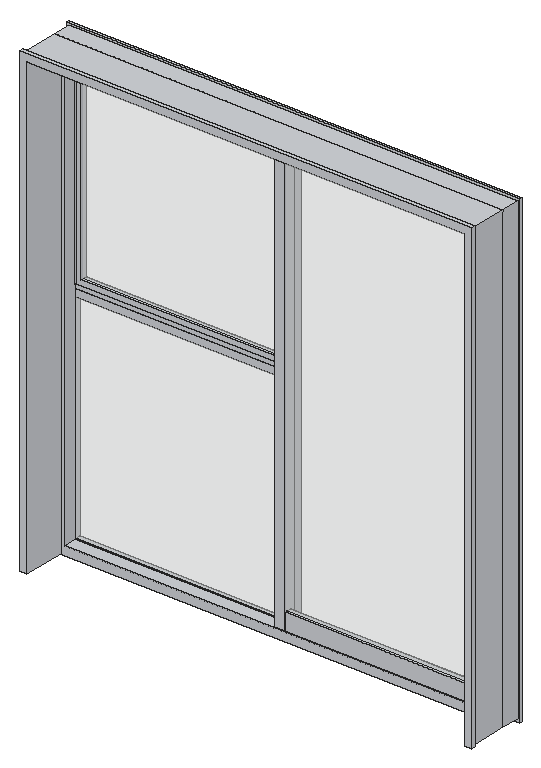
Revit family "APL Residential Thermal Heart Sliding Door SF with Sidelight", category Doors, host Wall, Revit 2017 (continued)
Definition of nested family "APL Residential Thermal Heart Sliding Door SF with Sidelight Vertical Section"
  Definition of nested family "Head Sash"
    Definition of nested family "65400_Frame Head"
      Lines and regions (mm)
        detail lines, in view "Ref. Level"
          curve 468: line (15.121, -21.261, 0) -> (13.593, -22.146, 0)
          curve 469: line (13.393, -22.2, 0) -> (13.1, -22.2, 0)
          curve 470: line (12.7, -21.8, 0) -> (12.7, -18.4, 0)
          curve 471: arc (12.7, -2.2, 0) -> (12.817, -1.917, 0) -> (13.1, -1.8, 0) r 0.4
          curve 472: arc (13.393, -1.8, 0) -> (13.496, -1.814, 0) -> (13.593, -1.854, 0) r 0.4
          curve 473: arc (15.121, -2.739, 0) -> (15.411, -2.859, 0) -> (15.722, -2.9, 0) r 1.2
          curve 474: arc (16.645, -2.9, 0) -> (17.218, -3.081, 0) -> (17.584, -3.558, 0) r 1
          curve 475: arc (18.377, -5.737, 0) -> (18.524, -5.928, 0) -> (18.753, -6, 0) r 0.4
          curve 476: arc (21.447, -6, 0) -> (21.676, -5.928, 0) -> (21.823, -5.737, 0) r 0.4
          curve 477: arc (22.616, -3.558, 0) -> (22.982, -3.081, 0) -> (23.555, -2.9, 0) r 1
          curve 478: arc (24.478, -2.9, 0) -> (24.789, -2.859, 0) -> (25.079, -2.739, 0) r 1.2
          curve 479: arc (26.607, -1.854, 0) -> (26.704, -1.814, 0) -> (26.807, -1.8, 0) r 0.4
          curve 480: arc (27.1, -1.8, 0) -> (27.383, -1.917, 0) -> (27.5, -2.2, 0) r 0.4
          curve 481: arc (27.5, -5.6, 0) -> (27.383, -5.883, 0) -> (27.1, -6, 0) r 0.4
          curve 482: arc (26.807, -6, 0) -> (26.704, -5.986, 0) -> (26.607, -5.946, 0) r 0.4
          curve 483: arc (25.079, -5.061, 0) -> (24.785, -4.94, 0) -> (24.47, -4.9, 0) r 1.2
          curve 484: arc (24.47, -4.9, 0) -> (24.295, -4.953, 0) -> (24.184, -5.097, 0) r 0.3
          curve 485: arc (23.296, -7.537, 0) -> (23.149, -7.728, 0) -> (22.92, -7.8, 0) r 0.4
          curve 486: arc (17.28, -7.8, 0) -> (17.051, -7.728, 0) -> (16.904, -7.537, 0) r 0.4
          curve 487: arc (16.016, -5.097, 0) -> (15.905, -4.953, 0) -> (15.73, -4.9, 0) r 0.3
          curve 488: arc (15.73, -4.9, 0) -> (15.415, -4.94, 0) -> (15.121, -5.061, 0) r 1.2
          curve 489: arc (13.593, -5.946, 0) -> (13.496, -5.986, 0) -> (13.393, -6, 0) r 0.4
          curve 490: arc (13.1, -6, 0) -> (12.817, -5.883, 0) -> (12.7, -5.6, 0) r 0.4
          curve 491: line (13.1, -1.8, 0) -> (13.393, -1.8, 0)
          curve 492: line (13.593, -1.854, 0) -> (15.121, -2.739, 0)
          curve 493: line (15.722, -2.9, 0) -> (16.645, -2.9, 0)
          curve 494: line (17.584, -3.558, 0) -> (18.377, -5.737, 0)
          curve 495: line (18.753, -6, 0) -> (21.447, -6, 0)
          curve 496: line (21.823, -5.737, 0) -> (22.616, -3.558, 0)
          curve 497: line (23.555, -2.9, 0) -> (24.478, -2.9, 0)
          curve 498: line (25.079, -2.739, 0) -> (26.607, -1.854, 0)
          curve 499: line (26.807, -1.8, 0) -> (27.1, -1.8, 0)
          curve 500: line (27.5, -2.2, 0) -> (27.5, -5.6, 0)
          curve 501: line (27.1, -6, 0) -> (26.807, -6, 0)
          curve 502: line (26.607, -5.946, 0) -> (25.079, -5.061, 0)
          curve 503: line (24.184, -5.097, 0) -> (23.296, -7.537, 0)
          curve 504: line (22.92, -7.8, 0) -> (17.28, -7.8, 0)
          curve 505: line (16.904, -7.537, 0) -> (16.016, -5.097, 0)
          curve 506: line (15.121, -5.061, 0) -> (13.593, -5.946, 0)
          curve 507: line (13.393, -6, 0) -> (13.1, -6, 0)
          curve 508: line (12.7, -5.6, 0) -> (12.7, -2.2, 0)
          curve 509: arc (10.8, -6.498, 0) -> (11.356, -7.843, 0) -> (12.7, -8.4, 0) r 1.9
          curve 510: arc (13.1, -8.4, 0) -> (13.241, -8.459, 0) -> (13.3, -8.6, 0) r 0.2
          curve 511: arc (13.3, -15.4, 0) -> (13.241, -15.541, 0) -> (13.1, -15.6, 0) r 0.2
          curve 512: arc (11, -15.6, 0) -> (10.859, -15.659, 0) -> (10.8, -15.8, 0) r 0.2
          curve 513: arc (10.8, -16.283, 0) -> (10.741, -16.425, 0) -> (10.6, -16.483, 0) r 0.2
          curve 514: arc (1.9, -16.483, 0) -> (1.546, -16.337, 0) -> (1.4, -15.983, 0) r 0.5
          curve 515: arc (1.4, -2.245, 0) -> (1.521, -1.631, 0) -> (1.869, -1.111, 0) r 1.6
          curve 516: arc (6.387, 3.407, 0) -> (6.711, 3.624, 0) -> (7.094, 3.7, 0) r 1
          curve 517: arc (9.8, 3.7, 0) -> (10.507, 3.407, 0) -> (10.8, 2.7, 0) r 1
          curve 518: arc (1.665, -23.621, 0) -> (1.729, -23.522, 0) -> (1.725, -23.403, 0) r 0.2
          curve 519: arc (1.725, -23.403, 0) -> (1.621, -23.234, 0) -> (1.453, -23.127, 0) r 0.45
          curve 520: arc (1.453, -23.127, 0) -> (1.357, -23.052, 0) -> (1.322, -22.936, 0) r 0.2
          curve 521: arc (1.379, -18.081, 0) -> (1.438, -17.941, 0) -> (1.579, -17.883, 0) r 0.2
          curve 522: arc (10.6, -17.883, 0) -> (10.741, -17.942, 0) -> (10.8, -18.083, 0) r 0.2
          curve 523: arc (10.8, -22.172, 0) -> (10.773, -22.272, 0) -> (10.7, -22.345, 0) r 0.2
          curve 524: arc (9.6, -22.98, 0) -> (9.38, -23.2, 0) -> (9.3, -23.5, 0) r 0.6
          curve 525: arc (9.3, -23.8, 0) -> (9.359, -23.941, 0) -> (9.5, -24, 0) r 0.2
          curve 526: arc (13.617, -24, 0) -> (13.922, -23.801, 0) -> (14.195, -24.043, 0) r 0.3
          curve 527: arc (14.195, -24.043, 0) -> (14.261, -24.181, 0) -> (14.387, -24.268, 0) r 0.3
          curve 528: arc (15.797, -24.782, 0) -> (16.083, -24.738, 0) -> (16.199, -24.474, 0) r 0.3
          curve 529: arc (15.992, -22.108, 0) -> (15.965, -22.008, 0) -> (15.905, -21.922, 0) r 0.3
          curve 530: arc (15.541, -21.559, 0) -> (15.348, -21.507, 0) -> (15.207, -21.648, 0) r 0.2
          curve 531: arc (15.162, -21.816, 0) -> (15.11, -21.905, 0) -> (15.021, -21.957, 0) r 0.2
          curve 532: arc (12.878, -22.49, 0) -> (12.536, -22.343, 0) -> (12.6, -21.976, 0) r 0.3
          curve 533: arc (12.6, -21.976, 0) -> (12.674, -21.875, 0) -> (12.7, -21.753, 0) r 0.3
          curve 534: arc (12.506, -17.75, 0) -> (12.542, -17.578, 0) -> (12.7, -17.5, 0) r 0.2
          curve 535: arc (13.221, -17.5, 0) -> (13.302, -17.511, 0) -> (13.377, -17.544, 0) r 0.3
          curve 536: arc (14.631, -18.309, 0) -> (14.637, -18.502, 0) -> (14.78, -18.633, 0) r 0.25
          curve 537: arc (14.78, -18.633, 0) -> (15.05, -18.679, 0) -> (15.2, -18.45, 0) r 0.25
          curve 538: arc (15.2, -8.599, 0) -> (15.259, -8.458, 0) -> (15.4, -8.4, 0) r 0.2
          curve 539: arc (16.479, -8.4, 0) -> (16.643, -8.315, 0) -> (16.667, -8.132, 0) r 0.2
          curve 540: arc (15.775, -5.682, 0) -> (15.702, -5.586, 0) -> (15.587, -5.55, 0) r 0.2
          curve 541: arc (15.353, -5.55, 0) -> (15.248, -5.52, 0) -> (15.174, -5.439, 0) r 0.2
          curve 542: arc (15.174, -5.439, 0) -> (14.995, -5.304, 0) -> (14.78, -5.367, 0) r 0.25
          curve 543: arc (14.78, -5.367, 0) -> (14.637, -5.498, 0) -> (14.631, -5.691, 0) r 0.25
          curve 544: arc (13.377, -6.456, 0) -> (13.302, -6.489, 0) -> (13.221, -6.5, 0) r 0.3
          curve 545: arc (12.7, -6.5, 0) -> (12.542, -6.422, 0) -> (12.506, -6.25, 0) r 0.2
          curve 546: arc (12.7, -2.247, 0) -> (12.674, -2.125, 0) -> (12.6, -2.024, 0) r 0.3
          curve 547: arc (12.6, -2.024, 0) -> (12.536, -1.657, 0) -> (12.878, -1.51, 0) r 0.3
          curve 548: arc (15.021, -2.043, 0) -> (15.11, -2.095, 0) -> (15.162, -2.184, 0) r 0.2
          curve 549: arc (15.207, -2.352, 0) -> (15.348, -2.493, 0) -> (15.541, -2.441, 0) r 0.2
          curve 550: arc (15.905, -2.078, 0) -> (15.965, -1.992, 0) -> (15.992, -1.892, 0) r 0.3
          curve 551: arc (16.199, 0.474, 0) -> (16.083, 0.738, 0) -> (15.797, 0.782, 0) r 0.3
          curve 552: arc (14.387, 0.268, 0) -> (14.261, 0.181, 0) -> (14.195, 0.043, 0) r 0.3
          curve 553: arc (14.195, 0.043, 0) -> (13.922, -0.199, 0) -> (13.617, 0, 0) r 0.3
          curve 554: arc (12.6, 0, 0) -> (12.459, 0.059, 0) -> (12.4, 0.2, 0) r 0.2
          curve 555: arc (12.4, 2.696, 0) -> (11.64, 4.537, 0) -> (9.8, 5.3, 0) r 2.6
          curve 556: arc (7.9, 5.3, 0) -> (7.547, 5.446, 0) -> (7.4, 5.8, 0) r 0.5
          curve 557: arc (7.4, 13.402, 0) -> (7.508, 13.581, 0) -> (7.716, 13.566, 0) r 0.2
          curve 558: arc (7.716, 13.566, 0) -> (8.721, 13.692, 0) -> (8.684, 14.705, 0) r 0.75
          curve 559: arc (8.684, 14.705, 0) -> (8.15, 16.005, 0) -> (8.684, 17.305, 0) r 1.85
          curve 560: arc (8.684, 17.305, 0) -> (8.794, 17.447, 0) -> (8.867, 17.612, 0) r 0.75
          curve 561: arc (8.867, 17.612, 0) -> (8.97, 17.796, 0) -> (9.14, 17.921, 0) r 0.5
          curve 562: arc (9.14, 17.921, 0) -> (10, 18.105, 0) -> (10.86, 17.921, 0) r 2.1
          curve 563: arc (10.86, 17.921, 0) -> (11.03, 17.796, 0) -> (11.133, 17.612, 0) r 0.5
          curve 564: arc (11.133, 17.612, 0) -> (11.206, 17.447, 0) -> (11.316, 17.305, 0) r 0.75
          curve 565: arc (11.316, 17.305, 0) -> (11.85, 16.005, 0) -> (11.316, 14.705, 0) r 1.85
          curve 566: arc (11.316, 14.705, 0) -> (11.323, 13.644, 0) -> (12.384, 13.651, 0) r 0.75
          curve 567: arc (12.384, 13.651, 0) -> (13.348, 15.881, 0) -> (12.551, 18.176, 0) r 3.35
          curve 568: arc (12.551, 18.176, 0) -> (12.478, 18.71, 0) -> (12.932, 19, 0) r 0.5
          curve 569: arc (13.15, 19, 0) -> (13.291, 19.059, 0) -> (13.35, 19.2, 0) r 0.2
          curve 570: arc (13.35, 19.5, 0) -> (13.204, 19.854, 0) -> (12.85, 20, 0) r 0.5
          curve 571: arc (7, 20, 0) -> (6.293, 19.707, 0) -> (6, 19, 0) r 1
          curve 572: arc (6, 6.243, 0) -> (5.772, 5.095, 0) -> (5.121, 4.121, 0) r 3
          curve 573: arc (0.879, -0.121, 0) -> (0.228, -1.095, 0) -> (0, -2.243, 0) r 3
          curve 574: arc (0, -23.8, 0) -> (0.059, -23.941, 0) -> (0.2, -24, 0) r 0.2
          curve 575: line (10.8, 2.7, 0) -> (10.8, -6.498, 0)
          curve 576: line (12.7, -8.4, 0) -> (13.1, -8.4, 0)
          curve 577: line (13.3, -8.6, 0) -> (13.3, -15.4, 0)
          curve 578: line (13.1, -15.6, 0) -> (11, -15.6, 0)
          curve 579: line (10.8, -15.8, 0) -> (10.8, -16.283, 0)
          curve 580: line (10.6, -16.483, 0) -> (1.9, -16.483, 0)
          curve 581: line (1.4, -15.983, 0) -> (1.4, -2.245, 0)
          curve 582: line (1.869, -1.111, 0) -> (6.387, 3.407, 0)
          curve 583: line (7.094, 3.7, 0) -> (9.8, 3.7, 0)
          curve 584: line (1.322, -22.936, 0) -> (1.379, -18.081, 0)
          curve 585: line (1.579, -17.883, 0) -> (10.6, -17.883, 0)
          curve 586: line (10.8, -18.083, 0) -> (10.8, -22.172, 0)
          curve 587: line (10.7, -22.345, 0) -> (9.6, -22.98, 0)
          curve 588: line (9.3, -23.5, 0) -> (9.3, -23.8, 0)
          curve 589: line (9.5, -24, 0) -> (13.617, -24, 0)
          curve 590: line (14.387, -24.268, 0) -> (15.797, -24.782, 0)
          curve 591: line (16.199, -24.474, 0) -> (15.992, -22.108, 0)
          curve 592: line (15.905, -21.922, 0) -> (15.541, -21.559, 0)
          curve 593: line (15.207, -21.648, 0) -> (15.162, -21.816, 0)
          curve 594: line (15.021, -21.957, 0) -> (12.888, -22.528, 0)
          curve 595: line (12.7, -21.753, 0) -> (12.7, -18.525, 0)
          curve 596: line (12.7, -18.5, 0) -> (12.506, -17.75, 0)
          curve 597: line (12.7, -17.5, 0) -> (13.221, -17.5, 0)
          curve 598: line (13.377, -17.544, 0) -> (14.631, -18.309, 0)
          curve 599: line (15.2, -18.45, 0) -> (15.2, -16.874, 0)
          curve 600: line (15.2, -16.874, 0) -> (15.2, -8.599, 0)
          curve 601: line (15.4, -8.4, 0) -> (16.479, -8.4, 0)
          curve 602: line (16.667, -8.132, 0) -> (15.775, -5.682, 0)
          curve 603: line (15.587, -5.55, 0) -> (15.353, -5.55, 0)
          curve 604: line (14.631, -5.691, 0) -> (13.377, -6.456, 0)
          curve 605: line (13.221, -6.5, 0) -> (12.7, -6.5, 0)
          curve 606: line (12.506, -6.25, 0) -> (12.7, -5.5, 0)
          curve 607: line (12.7, -5.475, 0) -> (12.7, -2.247, 0)
          curve 608: line (12.888, -1.472, 0) -> (15.021, -2.043, 0)
          curve 609: line (15.162, -2.184, 0) -> (15.207, -2.352, 0)
          curve 610: line (15.541, -2.441, 0) -> (15.905, -2.078, 0)
          curve 611: line (15.992, -1.892, 0) -> (16.199, 0.474, 0)
          curve 612: line (15.797, 0.782, 0) -> (14.387, 0.268, 0)
          curve 613: line (13.617, 0, 0) -> (12.6, 0, 0)
          curve 614: line (12.4, 0.2, 0) -> (12.4, 2.696, 0)
          curve 615: line (9.8, 5.3, 0) -> (7.9, 5.3, 0)
          curve 616: line (7.4, 5.8, 0) -> (7.4, 13.402, 0)
          curve 617: line (12.932, 19, 0) -> (13.15, 19, 0)
          curve 618: line (13.35, 19.2, 0) -> (13.35, 19.5, 0)
          curve 619: line (12.85, 20, 0) -> (7, 20, 0)
          curve 620: line (6, 19, 0) -> (6, 6.243, 0)
          curve 621: line (5.121, 4.121, 0) -> (0.879, -0.121, 0)
          curve 622: line (0, -2.243, 0) -> (0, -23.8, 0)
          curve 623: line (0.2, -24, 0) -> (1.214, -24, 0)
          curve 624: line (1.214, -24, 0) -> (1.665, -23.621, 0)
          curve 625: line (106.85, -41.439, 0) -> (112.6, -39.899, 0)
          curve 626: line (111.139, -40.29, 0) -> (106.85, -40.29, 0)
          curve 627: line (112.6, -39.45, 0) -> (106.85, -39.45, 0)
          curve 628: line (112.6, -38.61, 0) -> (106.85, -38.61, 0)
          curve 629: line (112.6, -37.69, 0) -> (106.85, -37.69, 0)
          curve 630: line (112.6, -36.85, 0) -> (106.85, -36.85, 0)
          curve 631: line (111.139, -36.01, 0) -> (106.85, -36.01, 0)
          curve 632: line (112.6, -36.401, 0) -> (106.85, -34.861, 0)
          curve 633: line (112.85, -41.6, 0) -> (112.85, -34.7, 0)
          curve 634: line (112.6, -34.7, 0) -> (112.6, -41.6, 0)
          curve 635: line (112.6, -41.6, 0) -> (113.1, -41.6, 0)
          curve 636: line (113.1, -41.6, 0) -> (113.1, -34.7, 0)
          curve 637: line (113.1, -34.7, 0) -> (112.6, -34.7, 0)
          curve 651: line (74.132, -41.648, 0) -> (68.382, -40.107, 0)
          curve 652: line (69.843, -40.498, 0) -> (74.132, -40.498, 0)
          curve 653: line (68.382, -39.658, 0) -> (74.132, -39.658, 0)
          curve 654: line (68.382, -38.818, 0) -> (74.132, -38.818, 0)
          curve 655: line (68.382, -37.898, 0) -> (74.132, -37.898, 0)
          curve 656: line (68.382, -37.058, 0) -> (74.132, -37.058, 0)
          curve 657: line (69.843, -36.218, 0) -> (74.132, -36.218, 0)
          curve 658: line (68.382, -36.61, 0) -> (74.132, -35.069, 0)
          curve 659: line (68.132, -41.808, 0) -> (68.132, -34.908, 0)
          curve 660: line (68.382, -34.908, 0) -> (68.382, -41.808, 0)
          curve 661: line (68.382, -41.808, 0) -> (67.882, -41.808, 0)
          curve 662: line (67.882, -41.808, 0) -> (67.882, -34.908, 0)
          curve 663: line (67.882, -34.908, 0) -> (68.382, -34.908, 0)
        detail lines, in view "Ref. Level", not visible
          curve 638: line (101.764, -41.439, 0) -> (107.514, -39.899, 0)
          curve 639: line (106.053, -40.29, 0) -> (101.764, -40.29, 0)
          curve 640: line (107.514, -39.45, 0) -> (101.764, -39.45, 0)
          curve 641: line (107.514, -38.61, 0) -> (101.764, -38.61, 0)
          curve 642: line (107.514, -37.69, 0) -> (101.764, -37.69, 0)
          curve 643: line (107.514, -36.85, 0) -> (101.764, -36.85, 0)
          curve 644: line (106.053, -36.01, 0) -> (101.764, -36.01, 0)
          curve 645: line (107.514, -36.401, 0) -> (101.764, -34.861, 0)
          curve 646: line (107.764, -41.6, 0) -> (107.764, -34.7, 0)
          curve 647: line (107.514, -34.7, 0) -> (107.514, -41.6, 0)
          curve 648: line (107.514, -41.6, 0) -> (108.014, -41.6, 0)
          curve 649: line (108.014, -41.6, 0) -> (108.014, -34.7, 0)
          curve 650: line (108.014, -34.7, 0) -> (107.514, -34.7, 0)
      Text (mm)
        text "65400" at (41.516, 17.579, 0), in view "Ref. Level"
    Definition of nested family "65720_Sash"
      Reference planes
        plane 1 "Center (Front/Back)": y = 0
        plane 2: z = 0
        plane 3 "Center (Left/Right)": x = 0
      Lines and regions (mm)
        detail lines, in view "Ref. Level"
          curve 1: arc (-0.482, 17.85, 0) -> (-0.172, 17.71, 0) -> (-0.009, 18.009, 0) r 0.25
          curve 2: arc (-0.036, 27.897, 0) -> (-0.198, 28.196, 0) -> (-0.508, 28.056, 0) r 0.25
          curve 3: line (-0.009, 18.009, 0) -> (-1.003, 21.876, 0)
          curve 4: line (-1.003, 21.876, 0) -> (0, 22.455, 0)
          curve 5: line (0, 22.455, 0) -> (0, 23.455, 0)
          curve 6: line (0, 23.455, 0) -> (-1.025, 24.047, 0)
          curve 7: line (-1.025, 24.047, 0) -> (-0.036, 27.897, 0)
          curve 8: line (-0.508, 28.056, 0) -> (-2.232, 23.955, 0)
          curve 9: line (-2.232, 23.955, 0) -> (-3.5, 23.955, 0)
          curve 10: line (-3.5, 23.955, 0) -> (-3.5, 25.205, 0)
          curve 11: line (-3.5, 25.205, 0) -> (-4.5, 25.205, 0)
          curve 12: line (-4.5, 25.205, 0) -> (-4.5, 20.705, 0)
          curve 13: line (-4.5, 20.705, 0) -> (-3.5, 20.705, 0)
          curve 14: line (-3.5, 20.705, 0) -> (-3.5, 21.955, 0)
          curve 15: line (-3.5, 21.955, 0) -> (-2.208, 21.955, 0)
          curve 16: line (-2.208, 21.955, 0) -> (-0.482, 17.85, 0)
        detail lines, in view "Ref. Level", not visible
          curve 17: arc (33.161, -9.933, 0) -> (32.851, -9.793, 0) -> (32.689, -10.092, 0) r 0.25
          curve 18: arc (32.715, -19.98, 0) -> (32.877, -20.279, 0) -> (33.188, -20.139, 0) r 0.25
          curve 19: line (32.689, -10.092, 0) -> (33.683, -13.959, 0)
          curve 20: line (33.683, -13.959, 0) -> (32.679, -14.539, 0)
          curve 21: line (32.679, -14.539, 0) -> (32.679, -15.539, 0)
          curve 22: line (32.679, -15.539, 0) -> (33.705, -16.131, 0)
          curve 23: line (33.705, -16.131, 0) -> (32.715, -19.98, 0)
          curve 24: line (33.188, -20.139, 0) -> (34.912, -16.039, 0)
          curve 25: line (34.912, -16.039, 0) -> (36.179, -16.039, 0)
          curve 26: line (36.179, -16.039, 0) -> (36.179, -17.289, 0)
          curve 27: line (36.179, -17.289, 0) -> (37.179, -17.289, 0)
          curve 28: line (37.179, -17.289, 0) -> (37.179, -12.789, 0)
          curve 29: line (37.179, -12.789, 0) -> (36.179, -12.789, 0)
          curve 30: line (36.179, -12.789, 0) -> (36.179, -14.039, 0)
          curve 31: line (36.179, -14.039, 0) -> (34.887, -14.039, 0)
          curve 32: line (34.887, -14.039, 0) -> (33.161, -9.933, 0)
        model lines, in view "Ref. Level"
          curve 33: arc (17.915, 0.146, 0) -> (17.978, 0, 0) -> (17.915, -0.146, 0) r 0.2
          curve 34: arc (17.915, -0.146, 0) -> (17.682, -0.477, 0) -> (17.6, -0.874, 0) r 1
          curve 35: arc (17.6, -2.45, 0) -> (17.728, -2.668, 0) -> (17.98, -2.663, 0) r 0.25
          curve 36: arc (18.066, -2.611, 0) -> (18.172, -2.479, 0) -> (18.169, -2.309, 0) r 0.25
          curve 37: arc (19.422, -1.544, 0) -> (19.498, -1.511, 0) -> (19.579, -1.5, 0) r 0.3
          curve 38: arc (20.1, -1.5, 0) -> (20.258, -1.578, 0) -> (20.294, -1.75, 0) r 0.2
          curve 39: arc (20.1, -5.753, 0) -> (20.126, -5.875, 0) -> (20.2, -5.976, 0) r 0.3
          curve 40: arc (20.2, -5.976, 0) -> (20.28, -6.307, 0) -> (20, -6.5, 0) r 0.3
          curve 41: arc (17.779, -5.957, 0) -> (17.69, -5.905, 0) -> (17.638, -5.816, 0) r 0.2
          curve 42: arc (17.593, -5.648, 0) -> (17.452, -5.507, 0) -> (17.259, -5.559, 0) r 0.2
          curve 43: arc (16.895, -5.922, 0) -> (16.835, -6.008, 0) -> (16.808, -6.108, 0) r 0.3
          curve 44: arc (16.601, -8.474, 0) -> (16.717, -8.738, 0) -> (17.003, -8.782, 0) r 0.3
          curve 45: arc (18.413, -8.268, 0) -> (18.539, -8.181, 0) -> (18.605, -8.043, 0) r 0.3
          curve 46: arc (18.605, -8.043, 0) -> (18.878, -7.801, 0) -> (19.183, -8, 0) r 0.3
          curve 47: arc (38.5, -8, 0) -> (38.855, -8.145, 0) -> (39, -8.5, 0) r 0.496
          curve 48: arc (37.5, -13.6, 0) -> (36.793, -13.893, 0) -> (36.5, -14.6, 0) r 1
          curve 49: arc (36.5, -15.098, 0) -> (37, -15.599, 0) -> (37.5, -15.099, 0) r 0.5
          curve 50: arc (39.4, -19.8, 0) -> (39.1, -20.1, 0) -> (39.4, -20.4, 0) r 0.3
          curve 51: arc (37.5, -24.002, 0) -> (37.354, -23.647, 0) -> (37, -23.5, 0) r 0.5
          curve 52: arc (36.001, -23.5, 0) -> (35.859, -23.441, 0) -> (35.8, -23.3, 0) r 0.2
          curve 53: arc (35.8, -23.308, 0) -> (35.697, -23.003, 0) -> (35.429, -22.825, 0) r 0.5
          curve 54: arc (34.552, -22.589, 0) -> (34.378, -22.624, 0) -> (34.3, -22.783, 0) r 0.2
          curve 55: arc (34.52, -24.835, 0) -> (34.588, -24.953, 0) -> (34.717, -25, 0) r 0.2
          curve 56: arc (36, -26.8, 0) -> (36.059, -26.941, 0) -> (36.2, -27, 0) r 0.2
          curve 57: arc (40.6, -27, 0) -> (40.741, -26.941, 0) -> (40.8, -26.8, 0) r 0.2
          curve 58: arc (40.8, 9.2, 0) -> (40.2, 9.801, 0) -> (39.6, 9.2, 0) r 0.6
          curve 59: arc (34.719, 4.17, 0) -> (34.38, 4.303, 0) -> (34.221, 4.63, 0) r 0.5
          curve 60: arc (34.221, 4.63, 0) -> (34.008, 5.519, 0) -> (33.531, 6.299, 0) r 2.93
          curve 61: arc (33.531, 6.299, 0) -> (33.518, 6.54, 0) -> (33.747, 6.618, 0) r 0.2
          curve 62: arc (33.747, 6.618, 0) -> (34.115, 6.712, 0) -> (34.181, 7.087, 0) r 0.35
          curve 63: arc (34.181, 7.087, 0) -> (33.629, 7.751, 0) -> (32.801, 8, 0) r 1.498
          curve 64: arc (19.183, 8, 0) -> (18.878, 7.801, 0) -> (18.605, 8.043, 0) r 0.3
          curve 65: arc (18.605, 8.043, 0) -> (18.539, 8.181, 0) -> (18.413, 8.268, 0) r 0.3
          curve 66: arc (17.003, 8.782, 0) -> (16.717, 8.738, 0) -> (16.601, 8.474, 0) r 0.3
          curve 67: arc (16.808, 6.108, 0) -> (16.835, 6.008, 0) -> (16.895, 5.922, 0) r 0.3
          curve 68: arc (17.259, 5.559, 0) -> (17.452, 5.507, 0) -> (17.593, 5.648, 0) r 0.2
          curve 69: arc (17.638, 5.816, 0) -> (17.69, 5.905, 0) -> (17.779, 5.957, 0) r 0.2
          curve 70: arc (20, 6.5, 0) -> (20.28, 6.307, 0) -> (20.2, 5.976, 0) r 0.3
          curve 71: arc (20.2, 5.976, 0) -> (20.126, 5.875, 0) -> (20.1, 5.753, 0) r 0.3
          curve 72: arc (20.294, 1.75, 0) -> (20.258, 1.578, 0) -> (20.1, 1.5, 0) r 0.2
          curve 73: arc (19.579, 1.5, 0) -> (19.498, 1.511, 0) -> (19.423, 1.544, 0) r 0.3
          curve 74: arc (18.169, 2.309, 0) -> (18.172, 2.479, 0) -> (18.066, 2.611, 0) r 0.25
          curve 75: arc (17.98, 2.663, 0) -> (17.728, 2.668, 0) -> (17.6, 2.45, 0) r 0.25
          curve 76: arc (17.6, 0.874, 0) -> (17.682, 0.477, 0) -> (17.915, 0.146, 0) r 1
          curve 77: arc (28.892, 6.6, 0) -> (29.073, 6.485, 0) -> (29.046, 6.272, 0) r 0.2
          curve 78: arc (29.046, 6.272, 0) -> (28.37, 4.41, 0) -> (29.034, 2.543, 0) r 2.93
          curve 79: arc (29.034, 2.543, 0) -> (30.019, 2.445, 0) -> (30.116, 3.43, 0) r 0.7
          curve 80: arc (30.116, 3.43, 0) -> (29.77, 4.4, 0) -> (30.116, 5.37, 0) r 1.53
          curve 81: arc (30.116, 5.37, 0) -> (30.208, 5.514, 0) -> (30.262, 5.676, 0) r 0.7
          curve 82: arc (30.262, 5.676, 0) -> (30.359, 5.888, 0) -> (30.541, 6.032, 0) r 0.5
          curve 83: arc (30.541, 6.032, 0) -> (31.3, 6.2, 0) -> (32.059, 6.032, 0) r 1.8
          curve 84: arc (32.059, 6.032, 0) -> (32.241, 5.888, 0) -> (32.338, 5.676, 0) r 0.5
          curve 85: arc (32.338, 5.676, 0) -> (32.392, 5.514, 0) -> (32.484, 5.37, 0) r 0.7
          curve 86: arc (32.484, 5.37, 0) -> (32.83, 4.4, 0) -> (32.484, 3.43, 0) r 1.53
          curve 87: arc (32.484, 3.43, 0) -> (32.581, 2.445, 0) -> (33.566, 2.543, 0) r 0.7
          curve 88: arc (33.566, 2.543, 0) -> (33.647, 2.645, 0) -> (33.722, 2.751, 0) r 2.93
          curve 89: arc (33.722, 2.751, 0) -> (33.902, 2.912, 0) -> (34.135, 2.97, 0) r 0.5
          curve 90: arc (38.899, 2.97, 0) -> (39.253, 2.824, 0) -> (39.4, 2.47, 0) r 0.5
          curve 91: arc (39.4, -6.3, 0) -> (39.254, -6.654, 0) -> (38.9, -6.8, 0) r 0.5
          curve 92: arc (22.502, -6.8, 0) -> (22.147, -6.654, 0) -> (22, -6.3, 0) r 0.5
          curve 93: line (17.6, -0.874, 0) -> (17.6, -2.45, 0)
          curve 94: line (18.169, -2.309, 0) -> (19.422, -1.544, 0)
          curve 95: line (19.422, -1.544, 0) -> (20.1, -1.5, 0)
          curve 96: line (20.294, -1.75, 0) -> (20.106, -2.475, 0)
          curve 97: line (20.106, -2.475, 0) -> (20.1, -5.753, 0)
          curve 98: line (19.846, -6.5, 0) -> (17.779, -5.957, 0)
          curve 99: line (17.779, -5.957, 0) -> (17.593, -5.648, 0)
          curve 100: line (17.259, -5.559, 0) -> (16.895, -5.922, 0)
          curve 101: line (16.808, -6.108, 0) -> (16.601, -8.474, 0)
          curve 102: line (17.003, -8.782, 0) -> (18.413, -8.268, 0)
          curve 103: line (19.183, -8, 0) -> (38.5, -8, 0)
          curve 104: line (39, -8.5, 0) -> (39, -13.6, 0)
          curve 105: line (39, -13.6, 0) -> (37.5, -13.6, 0)
          curve 106: line (36.5, -14.6, 0) -> (36.5, -15.098, 0)
          curve 107: line (37.5, -15.099, 0) -> (37.5, -14.6, 0)
          curve 108: line (37.5, -14.6, 0) -> (39.4, -14.6, 0)
          curve 109: line (39.4, -14.6, 0) -> (39.4, -19.8, 0)
          curve 110: line (39.4, -20.4, 0) -> (39.4, -25.6, 0)
          curve 111: line (39.4, -25.6, 0) -> (37.5, -25.6, 0)
          curve 112: line (37.5, -25.6, 0) -> (37.5, -24.002, 0)
          curve 113: line (37, -23.5, 0) -> (36.001, -23.5, 0)
          curve 114: line (35.429, -22.825, 0) -> (34.552, -22.589, 0)
          curve 115: line (34.3, -22.783, 0) -> (34.3, -23.589, 0)
          curve 116: line (34.3, -23.589, 0) -> (34.52, -24.835, 0)
          curve 117: line (34.717, -25, 0) -> (36, -25, 0)
          curve 118: line (36, -25, 0) -> (36, -26.8, 0)
          curve 119: line (36.2, -27, 0) -> (40.6, -27, 0)
          curve 120: line (40.8, -26.8, 0) -> (40.8, 9.2, 0)
          curve 121: line (39.6, 9.2, 0) -> (39.6, 4.17, 0)
          curve 122: line (39.6, 4.17, 0) -> (34.719, 4.17, 0)
          curve 123: line (32.801, 8, 0) -> (24.7, 8, 0)
          curve 124: line (24.7, 8, 0) -> (24.3, 7.6, 0)
          curve 125: line (24.3, 7.6, 0) -> (23.9, 8, 0)
          curve 126: line (23.9, 8, 0) -> (19.183, 8, 0)
          curve 127: line (18.413, 8.268, 0) -> (17.003, 8.782, 0)
          curve 128: line (16.601, 8.474, 0) -> (16.808, 6.108, 0)
          curve 129: line (16.895, 5.922, 0) -> (17.259, 5.559, 0)
          curve 130: line (17.593, 5.648, 0) -> (17.638, 5.816, 0)
          curve 131: line (17.638, 5.816, 0) -> (19.768, 6.49, 0)
          curve 132: line (19.768, 6.49, 0) -> (20, 6.5, 0)
          curve 133: line (20.1, 5.753, 0) -> (20.1, 2.525, 0)
          curve 134: line (20.1, 2.525, 0) -> (20.294, 1.75, 0)
          curve 135: line (20.1, 1.5, 0) -> (19.579, 1.5, 0)
          curve 136: line (19.579, 1.5, 0) -> (18.169, 2.309, 0)
          curve 137: line (17.6, 2.45, 0) -> (17.6, 0.874, 0)
          curve 138: line (22.5, 6.6, 0) -> (28.892, 6.6, 0)
          curve 139: line (34.135, 2.97, 0) -> (38.899, 2.97, 0)
          curve 140: line (39.4, 2.47, 0) -> (39.4, -6.3, 0)
          curve 141: line (38.9, -6.8, 0) -> (22.502, -6.8, 0)
          curve 142: line (22, -6.3, 0) -> (22, 6.1, 0)
          curve 143: arc (22, 6.1, 0) -> (22.146, 6.454, 0) -> (22.5, 6.6, 0) r 0.5
          curve 144: arc (12.714, 14.359, 0) -> (13.138, 14.183, 0) -> (13.314, 13.759, 0) r 0.6
          curve 145: arc (13.633, 5.978, 0) -> (13.937, 5.291, 0) -> (14.633, 5.009, 0) r 1
          curve 146: arc (17.054, 5.009, 0) -> (17.364, 5.05, 0) -> (17.654, 5.17, 0) r 1.2
          curve 147: arc (19.714, 6.209, 0) -> (19.996, 6.092, 0) -> (20.114, 5.809, 0) r 0.4
          curve 148: arc (20.014, 4.834, 0) -> (19.955, 4.693, 0) -> (19.814, 4.634, 0) r 0.2
          curve 149: arc (19.617, 4.653, 0) -> (19.041, 4.615, 0) -> (18.764, 4.109, 0) r 0.6
          curve 150: arc (18.764, 4.109, 0) -> (19.041, 3.603, 0) -> (19.617, 3.565, 0) r 0.6
          curve 151: arc (19.814, 3.584, 0) -> (19.955, 3.525, 0) -> (20.014, 3.384, 0) r 0.2
          curve 152: arc (20.114, 2.409, 0) -> (19.996, 2.126, 0) -> (19.714, 2.009, 0) r 0.4
          curve 153: arc (17.654, 3.048, 0) -> (17.364, 3.168, 0) -> (17.054, 3.209, 0) r 1.2
          curve 154: arc (8.374, 3.209, 0) -> (8.063, 3.168, 0) -> (7.774, 3.048, 0) r 1.2
          curve 155: arc (5.714, 2.009, 0) -> (5.431, 2.126, 0) -> (5.314, 2.409, 0) r 0.4
          curve 156: arc (5.414, 3.384, 0) -> (5.472, 3.525, 0) -> (5.614, 3.584, 0) r 0.2
          curve 157: arc (5.81, 3.565, 0) -> (6.386, 3.603, 0) -> (6.664, 4.109, 0) r 0.6
          curve 158: arc (6.664, 4.109, 0) -> (6.386, 4.615, 0) -> (5.81, 4.653, 0) r 0.6
          curve 159: arc (5.614, 4.634, 0) -> (5.472, 4.693, 0) -> (5.414, 4.834, 0) r 0.2
          curve 160: arc (5.314, 5.809, 0) -> (5.431, 6.092, 0) -> (5.714, 6.209, 0) r 0.4
          curve 161: arc (7.774, 5.17, 0) -> (8.063, 5.05, 0) -> (8.374, 5.009, 0) r 1.2
          curve 162: arc (10.794, 5.009, 0) -> (11.49, 5.291, 0) -> (11.794, 5.978, 0) r 1
          curve 163: line (13.314, 13.759, 0) -> (13.633, 5.978, 0)
          curve 164: line (14.633, 5.009, 0) -> (16.946, 5.009, 0)
          curve 165: line (17.654, 5.17, 0) -> (18.414, 5.609, 0)
          curve 166: line (18.414, 5.609, 0) -> (19.407, 6.182, 0)
          curve 167: line (19.407, 6.182, 0) -> (19.714, 6.209, 0)
          curve 168: line (20.114, 5.809, 0) -> (20.114, 5.309, 0)
          curve 169: line (20.114, 5.309, 0) -> (20.014, 4.834, 0)
          curve 170: line (20.014, 3.384, 0) -> (20.014, 3.009, 0)
          curve 171: line (20.014, 3.009, 0) -> (20.114, 2.409, 0)
          curve 172: line (19.714, 2.009, 0) -> (19.507, 2.009, 0)
          curve 173: line (19.507, 2.009, 0) -> (18.414, 2.609, 0)
          curve 174: line (18.414, 2.609, 0) -> (17.654, 3.048, 0)
          curve 175: line (16.946, 3.209, 0) -> (12.714, 3.209, 0)
          curve 176: line (12.714, 3.209, 0) -> (8.374, 3.209, 0)
          curve 177: line (7.774, 3.048, 0) -> (6.02, 2.036, 0)
          curve 178: line (6.02, 2.036, 0) -> (5.714, 2.009, 0)
          curve 179: line (5.314, 2.409, 0) -> (5.314, 2.909, 0)
          curve 180: line (5.314, 2.909, 0) -> (5.414, 3.384, 0)
          curve 181: line (5.414, 4.834, 0) -> (5.414, 5.209, 0)
          curve 182: line (5.414, 5.209, 0) -> (5.314, 5.809, 0)
          curve 183: line (5.714, 6.209, 0) -> (5.92, 6.209, 0)
          curve 184: line (5.92, 6.209, 0) -> (7.774, 5.17, 0)
          curve 185: line (8.374, 5.009, 0) -> (10.794, 5.009, 0)
          curve 186: line (11.794, 5.978, 0) -> (12.114, 13.768, 0)
          curve 187: arc (12.114, 13.768, 0) -> (12.293, 14.187, 0) -> (12.714, 14.359, 0) r 0.6
          curve 188: arc (5.3, -2.4, 0) -> (5.417, -2.117, 0) -> (5.7, -2, 0) r 0.4
          curve 189: arc (5.993, -2, 0) -> (6.096, -2.014, 0) -> (6.193, -2.054, 0) r 0.4
          curve 190: arc (7.721, -2.939, 0) -> (8.011, -3.059, 0) -> (8.322, -3.1, 0) r 1.2
          curve 191: arc (9.245, -3.1, 0) -> (9.818, -3.281, 0) -> (10.184, -3.758, 0) r 1
          curve 192: arc (10.977, -5.937, 0) -> (11.124, -6.128, 0) -> (11.353, -6.2, 0) r 0.4
          curve 193: arc (14.047, -6.2, 0) -> (14.276, -6.128, 0) -> (14.423, -5.937, 0) r 0.4
          curve 194: arc (15.216, -3.758, 0) -> (15.582, -3.281, 0) -> (16.155, -3.1, 0) r 1
          curve 195: arc (17.078, -3.1, 0) -> (17.389, -3.059, 0) -> (17.679, -2.939, 0) r 1.2
          curve 196: arc (19.207, -2.054, 0) -> (19.304, -2.014, 0) -> (19.407, -2, 0) r 0.4
          curve 197: arc (19.7, -2, 0) -> (19.983, -2.117, 0) -> (20.1, -2.4, 0) r 0.4
          curve 198: arc (20.1, -5.8, 0) -> (19.983, -6.083, 0) -> (19.7, -6.2, 0) r 0.4
          curve 199: arc (19.407, -6.2, 0) -> (19.304, -6.186, 0) -> (19.207, -6.146, 0) r 0.4
          curve 200: arc (17.679, -5.261, 0) -> (17.385, -5.14, 0) -> (17.07, -5.1, 0) r 1.2
          curve 201: arc (17.07, -5.1, 0) -> (16.895, -5.153, 0) -> (16.784, -5.297, 0) r 0.3
          curve 202: arc (15.896, -7.737, 0) -> (15.749, -7.928, 0) -> (15.52, -8, 0) r 0.4
          curve 203: arc (9.88, -8, 0) -> (9.651, -7.928, 0) -> (9.504, -7.737, 0) r 0.4
          curve 204: arc (8.616, -5.297, 0) -> (8.505, -5.153, 0) -> (8.33, -5.1, 0) r 0.3
          curve 205: arc (8.33, -5.1, 0) -> (8.015, -5.14, 0) -> (7.721, -5.261, 0) r 1.2
          curve 206: arc (6.193, -6.146, 0) -> (6.096, -6.186, 0) -> (5.993, -6.2, 0) r 0.4
          curve 207: arc (5.7, -6.2, 0) -> (5.417, -6.083, 0) -> (5.3, -5.8, 0) r 0.4
          curve 208: line (5.7, -2, 0) -> (5.993, -2, 0)
          curve 209: line (6.193, -2.054, 0) -> (7.721, -2.939, 0)
          curve 210: line (8.322, -3.1, 0) -> (9.245, -3.1, 0)
          curve 211: line (10.184, -3.758, 0) -> (10.977, -5.937, 0)
          curve 212: line (11.353, -6.2, 0) -> (14.047, -6.2, 0)
          curve 213: line (14.423, -5.937, 0) -> (15.216, -3.758, 0)
          curve 214: line (16.155, -3.1, 0) -> (17.078, -3.1, 0)
          curve 215: line (17.679, -2.939, 0) -> (19.207, -2.054, 0)
          curve 216: line (19.407, -2, 0) -> (19.7, -2, 0)
          curve 217: line (20.1, -2.4, 0) -> (20.1, -5.8, 0)
          curve 218: line (19.7, -6.2, 0) -> (19.407, -6.2, 0)
          curve 219: line (19.207, -6.146, 0) -> (17.679, -5.261, 0)
          curve 220: line (16.784, -5.297, 0) -> (15.896, -7.737, 0)
          curve 221: line (15.52, -8, 0) -> (9.88, -8, 0)
          curve 222: line (9.504, -7.737, 0) -> (8.616, -5.297, 0)
          curve 223: line (7.721, -5.261, 0) -> (6.193, -6.146, 0)
          curve 224: line (5.993, -6.2, 0) -> (5.7, -6.2, 0)
          curve 225: line (5.3, -5.8, 0) -> (5.3, -2.4, 0)
          curve 226: arc (7.8, -0.874, 0) -> (7.718, -0.477, 0) -> (7.485, -0.146, 0) r 1
          curve 227: arc (7.485, -0.146, 0) -> (7.422, 0, 0) -> (7.485, 0.146, 0) r 0.2
          curve 228: arc (7.485, 0.146, 0) -> (7.718, 0.477, 0) -> (7.8, 0.874, 0) r 1
          curve 229: arc (7.8, 2.449, 0) -> (7.673, 2.668, 0) -> (7.42, 2.663, 0) r 0.25
          curve 230: arc (7.334, 2.611, 0) -> (7.228, 2.479, 0) -> (7.231, 2.309, 0) r 0.25
          curve 231: arc (5.977, 1.544, 0) -> (5.902, 1.511, 0) -> (5.821, 1.5, 0) r 0.3
          curve 232: arc (5.3, 1.5, 0) -> (5.142, 1.578, 0) -> (5.106, 1.75, 0) r 0.2
          curve 233: arc (5.3, 5.753, 0) -> (5.274, 5.875, 0) -> (5.2, 5.976, 0) r 0.3
          curve 234: arc (5.2, 5.976, 0) -> (5.12, 6.307, 0) -> (5.4, 6.5, 0) r 0.3
          curve 235: arc (7.621, 5.957, 0) -> (7.71, 5.905, 0) -> (7.762, 5.816, 0) r 0.2
          curve 236: arc (7.807, 5.648, 0) -> (7.948, 5.507, 0) -> (8.141, 5.559, 0) r 0.2
          curve 237: arc (8.505, 5.922, 0) -> (8.565, 6.008, 0) -> (8.592, 6.108, 0) r 0.3
          curve 238: arc (8.799, 8.474, 0) -> (8.683, 8.738, 0) -> (8.397, 8.782, 0) r 0.3
          curve 239: arc (6.987, 8.268, 0) -> (6.861, 8.181, 0) -> (6.795, 8.043, 0) r 0.3
          curve 240: arc (6.795, 8.043, 0) -> (6.522, 7.801, 0) -> (6.217, 8, 0) r 0.3
          curve 241: arc (-3.3, 8, 0) -> (-4.007, 8.293, 0) -> (-4.3, 9, 0) r 1
          curve 242: arc (-4.3, 18.8, 0) -> (-4.241, 18.941, 0) -> (-4.1, 19, 0) r 0.2
          curve 243: arc (-3.2, 19, 0) -> (-2.493, 19.293, 0) -> (-2.2, 20, 0) r 1
          curve 244: arc (-2.2, 20.751, 0) -> (-2.7, 21.252, 0) -> (-3.2, 20.751, 0) r 0.5
          curve 245: arc (-3.2, 24.751, 0) -> (-2.7, 24.249, 0) -> (-2.2, 24.751, 0) r 0.5
          curve 246: arc (-2.2, 25.501, 0) -> (-2.493, 26.207, 0) -> (-3.199, 26.5, 0) r 0.999
          curve 247: arc (-4.7, 26.5, 0) -> (-5.407, 26.207, 0) -> (-5.7, 25.5, 0) r 1
          curve 248: arc (-5.7, -14.454, 0) -> (-5.548, -15.22, 0) -> (-5.114, -15.869, 0) r 2
          curve 249: arc (5.959, -26.941, 0) -> (6.177, -26.985, 0) -> (6.3, -26.8, 0) r 0.2
          curve 250: arc (6.3, -22.85, 0) -> (6.241, -22.709, 0) -> (6.1, -22.65, 0) r 0.2
          curve 251: arc (5.501, -22.65, 0) -> (5.359, -22.708, 0) -> (5.3, -22.85, 0) r 0.2
          curve 252: arc (5.3, -23.2, 0) -> (5.241, -23.341, 0) -> (5.1, -23.4, 0) r 0.201
          curve 253: arc (4.497, -23.4, 0) -> (4.357, -23.341, 0) -> (4.3, -23.2, 0) r 0.198
          curve 254: arc (4.3, -20.1, 0) -> (4.358, -19.96, 0) -> (4.497, -19.9, 0) r 0.2
          curve 255: arc (5.1, -19.9, 0) -> (5.241, -19.959, 0) -> (5.3, -20.1, 0) r 0.2
          curve 256: arc (5.3, -20.45, 0) -> (5.359, -20.591, 0) -> (5.5, -20.65, 0) r 0.2
          curve 257: arc (6.1, -20.65, 0) -> (6.241, -20.591, 0) -> (6.3, -20.45, 0) r 0.2
          curve 258: arc (6.3, -19.092, 0) -> (6.244, -18.951, 0) -> (6.1, -18.9, 0) r 0.184
          curve 259: arc (6.217, -8, 0) -> (6.522, -7.801, 0) -> (6.795, -8.043, 0) r 0.3
          curve 260: arc (6.795, -8.043, 0) -> (6.861, -8.181, 0) -> (6.987, -8.268, 0) r 0.3
          curve 261: arc (8.397, -8.782, 0) -> (8.683, -8.738, 0) -> (8.799, -8.474, 0) r 0.3
          curve 262: arc (8.592, -6.108, 0) -> (8.565, -6.008, 0) -> (8.505, -5.922, 0) r 0.3
          curve 263: arc (8.141, -5.559, 0) -> (7.948, -5.507, 0) -> (7.807, -5.648, 0) r 0.2
          curve 264: arc (7.762, -5.816, 0) -> (7.71, -5.905, 0) -> (7.621, -5.957, 0) r 0.2
          curve 265: arc (5.4, -6.5, 0) -> (5.12, -6.307, 0) -> (5.2, -5.976, 0) r 0.3
          curve 266: arc (5.2, -5.976, 0) -> (5.274, -5.875, 0) -> (5.3, -5.753, 0) r 0.3
          curve 267: arc (5.106, -1.75, 0) -> (5.142, -1.578, 0) -> (5.3, -1.5, 0) r 0.2
          curve 268: arc (5.82, -1.5, 0) -> (5.902, -1.511, 0) -> (5.977, -1.544, 0) r 0.3
          curve 269: arc (7.231, -2.309, 0) -> (7.228, -2.479, 0) -> (7.334, -2.611, 0) r 0.25
          curve 270: arc (7.42, -2.663, 0) -> (7.672, -2.668, 0) -> (7.8, -2.45, 0) r 0.25
          curve 271: arc (-0.454, 6.272, 0) -> (-0.427, 6.485, 0) -> (-0.608, 6.6, 0) r 0.2
          curve 272: arc (-3.4, 6.6, 0) -> (-4.107, 6.307, 0) -> (-4.4, 5.6, 0) r 1
          curve 273: arc (-4.4, -2.447, 0) -> (-4.254, -2.802, 0) -> (-3.9, -2.949, 0) r 0.5
          curve 274: arc (-2.4, -2.949, 0) -> (-1.693, -3.242, 0) -> (-1.4, -3.949, 0) r 1
          curve 275: arc (-1.4, -4.449, 0) -> (-1.9, -4.949, 0) -> (-2.4, -4.449, 0) r 0.5
          curve 276: arc (-4, -3.949, 0) -> (-4.283, -4.067, 0) -> (-4.4, -4.349, 0) r 0.4
          curve 277: arc (-4.4, -9.05, 0) -> (-4, -9.45, 0) -> (-4.4, -9.85, 0) r 0.4
          curve 278: arc (-4.4, -14.452, 0) -> (-4.347, -14.721, 0) -> (-4.195, -14.949, 0) r 0.7
          curve 279: arc (-2.4, -14.449, 0) -> (-1.9, -13.949, 0) -> (-1.4, -14.449, 0) r 0.5
          curve 280: arc (-1.4, -15.007, 0) -> (-1.602, -15.609, 0) -> (-2.125, -15.969, 0) r 1
          curve 281: arc (-2.125, -15.969, 0) -> (-2.472, -16.324, 0) -> (-2.341, -16.803, 0) r 0.5
          curve 282: arc (2.959, -22.103, 0) -> (3.177, -22.146, 0) -> (3.3, -21.962, 0) r 0.2
          curve 283: line (7.8, 0.874, 0) -> (7.8, 2.449, 0)
          curve 284: line (7.231, 2.309, 0) -> (5.977, 1.544, 0)
          curve 285: line (5.977, 1.544, 0) -> (5.3, 1.5, 0)
          curve 286: line (5.106, 1.75, 0) -> (5.294, 2.475, 0)
          curve 287: line (5.294, 2.475, 0) -> (5.3, 5.753, 0)
          curve 288: line (5.554, 6.5, 0) -> (7.621, 5.957, 0)
          curve 289: line (7.621, 5.957, 0) -> (7.807, 5.648, 0)
          curve 290: line (8.141, 5.559, 0) -> (8.505, 5.922, 0)
          curve 291: line (8.592, 6.108, 0) -> (8.799, 8.474, 0)
          curve 292: line (8.397, 8.782, 0) -> (6.987, 8.268, 0)
          curve 293: line (6.217, 8, 0) -> (-3.3, 8, 0)
          curve 294: line (-4.3, 9, 0) -> (-4.3, 18.8, 0)
          curve 295: line (-4.1, 19, 0) -> (-3.2, 19, 0)
          curve 296: line (-2.2, 20, 0) -> (-2.2, 20.751, 0)
          curve 297: line (-3.2, 20.751, 0) -> (-3.2, 20, 0)
          curve 298: line (-3.2, 20, 0) -> (-4.7, 20, 0)
          curve 299: line (-4.7, 20, 0) -> (-4.7, 25.5, 0)
          curve 300: line (-4.7, 25.5, 0) -> (-3.2, 25.5, 0)
          curve 301: line (-3.2, 25.5, 0) -> (-3.2, 24.751, 0)
          curve 302: line (-2.2, 24.751, 0) -> (-2.2, 25.501, 0)
          curve 303: line (-3.199, 26.5, 0) -> (-4.7, 26.5, 0)
          curve 304: line (-5.7, 25.5, 0) -> (-5.7, -14.454, 0)
          curve 305: line (-5.114, -15.869, 0) -> (5.959, -26.941, 0)
          curve 306: line (6.3, -26.8, 0) -> (6.3, -22.85, 0)
          curve 307: line (6.1, -22.65, 0) -> (5.501, -22.65, 0)
          curve 308: line (5.3, -22.85, 0) -> (5.3, -23.2, 0)
          curve 309: line (5.1, -23.4, 0) -> (4.497, -23.4, 0)
          curve 310: line (4.3, -23.2, 0) -> (4.3, -20.1, 0)
          curve 311: line (4.497, -19.9, 0) -> (5.1, -19.9, 0)
          curve 312: line (5.3, -20.1, 0) -> (5.3, -20.45, 0)
          curve 313: line (5.5, -20.65, 0) -> (6.1, -20.65, 0)
          curve 314: line (6.3, -20.45, 0) -> (6.3, -19.092, 0)
          curve 315: line (6.1, -18.9, 0) -> (4.6, -18.9, 0)
          curve 316: line (4.6, -18.9, 0) -> (4.6, -8, 0)
          curve 317: line (4.6, -8, 0) -> (6.217, -8, 0)
          curve 318: line (6.987, -8.268, 0) -> (8.397, -8.782, 0)
          curve 319: line (8.799, -8.474, 0) -> (8.592, -6.108, 0)
          curve 320: line (8.505, -5.922, 0) -> (8.141, -5.559, 0)
          curve 321: line (7.807, -5.648, 0) -> (7.762, -5.816, 0)
          curve 322: line (7.762, -5.816, 0) -> (5.632, -6.49, 0)
          curve 323: line (5.632, -6.49, 0) -> (5.4, -6.5, 0)
          curve 324: line (5.3, -5.753, 0) -> (5.3, -2.525, 0)
          curve 325: line (5.3, -2.525, 0) -> (5.106, -1.75, 0)
          curve 326: line (5.3, -1.5, 0) -> (5.82, -1.5, 0)
          curve 327: line (5.821, -1.5, 0) -> (7.231, -2.309, 0)
          curve 328: line (7.8, -2.45, 0) -> (7.8, -0.874, 0)
          curve 329: line (-0.608, 6.6, 0) -> (-3.4, 6.6, 0)
          curve 330: line (-4.4, 5.6, 0) -> (-4.4, -2.447, 0)
          curve 331: line (-3.9, -2.949, 0) -> (-2.4, -2.949, 0)
          curve 332: line (-1.4, -3.949, 0) -> (-1.4, -4.449, 0)
          curve 333: line (-2.4, -4.449, 0) -> (-2.4, -3.949, 0)
          curve 334: line (-2.4, -3.949, 0) -> (-4, -3.949, 0)
          curve 335: line (-4.4, -4.349, 0) -> (-4.4, -9.05, 0)
          curve 336: line (-4.4, -9.85, 0) -> (-4.4, -14.452, 0)
          curve 337: line (-4.195, -14.949, 0) -> (-2.4, -14.949, 0)
          curve 338: line (-2.4, -14.949, 0) -> (-2.4, -14.449, 0)
          curve 339: line (-1.4, -14.449, 0) -> (-1.4, -15.007, 0)
          curve 340: line (-2.341, -16.803, 0) -> (2.959, -22.103, 0)
          curve 341: line (3.3, -21.962, 0) -> (3.3, 2.193, 0)
          curve 342: arc (3.3, 2.193, 0) -> (3.272, 2.296, 0) -> (3.194, 2.37, 0) r 0.2
          curve 343: arc (3.194, 2.37, 0) -> (2.838, 2.85, 0) -> (2.984, 3.43, 0) r 0.7
          curve 344: arc (2.984, 3.43, 0) -> (3.33, 4.4, 0) -> (2.984, 5.37, 0) r 1.53
          curve 345: arc (2.984, 5.37, 0) -> (2.892, 5.514, 0) -> (2.838, 5.676, 0) r 0.7
          curve 346: arc (2.838, 5.676, 0) -> (2.741, 5.888, 0) -> (2.559, 6.032, 0) r 0.5
          curve 347: arc (2.559, 6.032, 0) -> (1.8, 6.2, 0) -> (1.041, 6.032, 0) r 1.8
          curve 348: arc (1.041, 6.032, 0) -> (0.859, 5.888, 0) -> (0.762, 5.676, 0) r 0.5
          curve 349: arc (0.762, 5.676, 0) -> (0.708, 5.514, 0) -> (0.616, 5.37, 0) r 0.7
          curve 350: arc (0.616, 5.37, 0) -> (0.27, 4.4, 0) -> (0.616, 3.43, 0) r 1.53
          curve 351: arc (0.616, 3.43, 0) -> (0.519, 2.445, 0) -> (-0.466, 2.543, 0) r 0.7
          curve 352: arc (-0.466, 2.543, 0) -> (-1.13, 4.41, 0) -> (-0.454, 6.272, 0) r 2.93
      Text (mm)
        text "65720" at (33.241, 33.025, 0), in view "Ref. Level"
  Definition of nested family "Sash Mullion-Transom"
    Reference planes
      plane 1 "Center (Front/Back)": y = 0
      plane 2: z = 0
      plane 3 "Center (Left/Right)": x = 0
    Dimensions and locks
      nested 1 to nested 2 = 13 mm
      nested 1 to nested 2 = 6.4 mm
    Nested families
      nested 1: "65720_Sash" at (-40.8, 31, 0), type "65720_Sash", in view "Ref. Level"
      nested 2: "65100_Mullion&Transom" at (0.2, 0, 0), type "65100_Mullion&Transom", in view "Ref. Level"
    Definition of nested family "65720_Sash"
      Reference planes
        plane 1 "Center (Front/Back)": y = 0
        plane 2: z = 0
        plane 3 "Center (Left/Right)": x = 0
      Lines and regions (mm)
        detail lines, in view "Ref. Level", not visible
          curve 1: arc (33.161, -9.933, 0) -> (32.851, -9.793, 0) -> (32.689, -10.092, 0) r 0.25
          curve 2: arc (32.715, -19.98, 0) -> (32.877, -20.279, 0) -> (33.188, -20.139, 0) r 0.25
          curve 3: line (32.689, -10.092, 0) -> (33.683, -13.959, 0)
          curve 4: line (33.683, -13.959, 0) -> (32.679, -14.539, 0)
          curve 5: line (32.679, -14.539, 0) -> (32.679, -15.539, 0)
          curve 6: line (32.679, -15.539, 0) -> (33.705, -16.131, 0)
          curve 7: line (33.705, -16.131, 0) -> (32.715, -19.98, 0)
          curve 8: line (33.188, -20.139, 0) -> (34.912, -16.039, 0)
          curve 9: line (34.912, -16.039, 0) -> (36.179, -16.039, 0)
          curve 10: line (36.179, -16.039, 0) -> (36.179, -17.289, 0)
          curve 11: line (36.179, -17.289, 0) -> (37.179, -17.289, 0)
          curve 12: line (37.179, -17.289, 0) -> (37.179, -12.789, 0)
          curve 13: line (37.179, -12.789, 0) -> (36.179, -12.789, 0)
          curve 14: line (36.179, -12.789, 0) -> (36.179, -14.039, 0)
          curve 15: line (36.179, -14.039, 0) -> (34.887, -14.039, 0)
          curve 16: line (34.887, -14.039, 0) -> (33.161, -9.933, 0)
        model lines, in view "Ref. Level"
          curve 17: arc (17.915, 0.146, 0) -> (17.978, 0, 0) -> (17.915, -0.146, 0) r 0.2
          curve 18: arc (17.915, -0.146, 0) -> (17.682, -0.477, 0) -> (17.6, -0.874, 0) r 1
          curve 19: arc (17.6, -2.45, 0) -> (17.728, -2.668, 0) -> (17.98, -2.663, 0) r 0.25
          curve 20: arc (18.066, -2.611, 0) -> (18.172, -2.479, 0) -> (18.169, -2.309, 0) r 0.25
          curve 21: arc (19.422, -1.544, 0) -> (19.498, -1.511, 0) -> (19.579, -1.5, 0) r 0.3
          curve 22: arc (20.1, -1.5, 0) -> (20.258, -1.578, 0) -> (20.294, -1.75, 0) r 0.2
          curve 23: arc (20.1, -5.753, 0) -> (20.126, -5.875, 0) -> (20.2, -5.976, 0) r 0.3
          curve 24: arc (20.2, -5.976, 0) -> (20.28, -6.307, 0) -> (20, -6.5, 0) r 0.3
          curve 25: arc (17.779, -5.957, 0) -> (17.69, -5.905, 0) -> (17.638, -5.816, 0) r 0.2
          curve 26: arc (17.593, -5.648, 0) -> (17.452, -5.507, 0) -> (17.259, -5.559, 0) r 0.2
          curve 27: arc (16.895, -5.922, 0) -> (16.835, -6.008, 0) -> (16.808, -6.108, 0) r 0.3
          curve 28: arc (16.601, -8.474, 0) -> (16.717, -8.738, 0) -> (17.003, -8.782, 0) r 0.3
          curve 29: arc (18.413, -8.268, 0) -> (18.539, -8.181, 0) -> (18.605, -8.043, 0) r 0.3
          curve 30: arc (18.605, -8.043, 0) -> (18.878, -7.801, 0) -> (19.183, -8, 0) r 0.3
          curve 31: arc (38.5, -8, 0) -> (38.855, -8.145, 0) -> (39, -8.5, 0) r 0.496
          curve 32: arc (37.5, -13.6, 0) -> (36.793, -13.893, 0) -> (36.5, -14.6, 0) r 1
          curve 33: arc (36.5, -15.098, 0) -> (37, -15.599, 0) -> (37.5, -15.099, 0) r 0.5
          curve 34: arc (39.4, -19.8, 0) -> (39.1, -20.1, 0) -> (39.4, -20.4, 0) r 0.3
          curve 35: arc (37.5, -24.002, 0) -> (37.354, -23.647, 0) -> (37, -23.5, 0) r 0.5
          curve 36: arc (36.001, -23.5, 0) -> (35.859, -23.441, 0) -> (35.8, -23.3, 0) r 0.2
          curve 37: arc (35.8, -23.308, 0) -> (35.697, -23.003, 0) -> (35.429, -22.825, 0) r 0.5
          curve 38: arc (34.552, -22.589, 0) -> (34.378, -22.624, 0) -> (34.3, -22.783, 0) r 0.2
          curve 39: arc (34.52, -24.835, 0) -> (34.588, -24.953, 0) -> (34.717, -25, 0) r 0.2
          curve 40: arc (36, -26.8, 0) -> (36.059, -26.941, 0) -> (36.2, -27, 0) r 0.2
          curve 41: arc (40.6, -27, 0) -> (40.741, -26.941, 0) -> (40.8, -26.8, 0) r 0.2
          curve 42: arc (40.8, 9.2, 0) -> (40.2, 9.801, 0) -> (39.6, 9.2, 0) r 0.6
          curve 43: arc (34.719, 4.17, 0) -> (34.38, 4.303, 0) -> (34.221, 4.63, 0) r 0.5
          curve 44: arc (34.221, 4.63, 0) -> (34.008, 5.519, 0) -> (33.531, 6.299, 0) r 2.93
          curve 45: arc (33.531, 6.299, 0) -> (33.518, 6.54, 0) -> (33.747, 6.618, 0) r 0.2
          curve 46: arc (33.747, 6.618, 0) -> (34.115, 6.712, 0) -> (34.181, 7.087, 0) r 0.35
          curve 47: arc (34.181, 7.087, 0) -> (33.629, 7.751, 0) -> (32.801, 8, 0) r 1.498
          curve 48: arc (19.183, 8, 0) -> (18.878, 7.801, 0) -> (18.605, 8.043, 0) r 0.3
          curve 49: arc (18.605, 8.043, 0) -> (18.539, 8.181, 0) -> (18.413, 8.268, 0) r 0.3
          curve 50: arc (17.003, 8.782, 0) -> (16.717, 8.738, 0) -> (16.601, 8.474, 0) r 0.3
          curve 51: arc (16.808, 6.108, 0) -> (16.835, 6.008, 0) -> (16.895, 5.922, 0) r 0.3
          curve 52: arc (17.259, 5.559, 0) -> (17.452, 5.507, 0) -> (17.593, 5.648, 0) r 0.2
          curve 53: arc (17.638, 5.816, 0) -> (17.69, 5.905, 0) -> (17.779, 5.957, 0) r 0.2
          curve 54: arc (20, 6.5, 0) -> (20.28, 6.307, 0) -> (20.2, 5.976, 0) r 0.3
          curve 55: arc (20.2, 5.976, 0) -> (20.126, 5.875, 0) -> (20.1, 5.753, 0) r 0.3
          curve 56: arc (20.294, 1.75, 0) -> (20.258, 1.578, 0) -> (20.1, 1.5, 0) r 0.2
          curve 57: arc (19.579, 1.5, 0) -> (19.498, 1.511, 0) -> (19.423, 1.544, 0) r 0.3
          curve 58: arc (18.169, 2.309, 0) -> (18.172, 2.479, 0) -> (18.066, 2.611, 0) r 0.25
          curve 59: arc (17.98, 2.663, 0) -> (17.728, 2.668, 0) -> (17.6, 2.45, 0) r 0.25
          curve 60: arc (17.6, 0.874, 0) -> (17.682, 0.477, 0) -> (17.915, 0.146, 0) r 1
          curve 61: arc (28.892, 6.6, 0) -> (29.073, 6.485, 0) -> (29.046, 6.272, 0) r 0.2
          curve 62: arc (29.046, 6.272, 0) -> (28.37, 4.41, 0) -> (29.034, 2.543, 0) r 2.93
          curve 63: arc (29.034, 2.543, 0) -> (30.019, 2.445, 0) -> (30.116, 3.43, 0) r 0.7
          curve 64: arc (30.116, 3.43, 0) -> (29.77, 4.4, 0) -> (30.116, 5.37, 0) r 1.53
          curve 65: arc (30.116, 5.37, 0) -> (30.208, 5.514, 0) -> (30.262, 5.676, 0) r 0.7
          curve 66: arc (30.262, 5.676, 0) -> (30.359, 5.888, 0) -> (30.541, 6.032, 0) r 0.5
          curve 67: arc (30.541, 6.032, 0) -> (31.3, 6.2, 0) -> (32.059, 6.032, 0) r 1.8
          curve 68: arc (32.059, 6.032, 0) -> (32.241, 5.888, 0) -> (32.338, 5.676, 0) r 0.5
          curve 69: arc (32.338, 5.676, 0) -> (32.392, 5.514, 0) -> (32.484, 5.37, 0) r 0.7
          curve 70: arc (32.484, 5.37, 0) -> (32.83, 4.4, 0) -> (32.484, 3.43, 0) r 1.53
          curve 71: arc (32.484, 3.43, 0) -> (32.581, 2.445, 0) -> (33.566, 2.543, 0) r 0.7
          curve 72: arc (33.566, 2.543, 0) -> (33.647, 2.645, 0) -> (33.722, 2.751, 0) r 2.93
          curve 73: arc (33.722, 2.751, 0) -> (33.902, 2.912, 0) -> (34.135, 2.97, 0) r 0.5
          curve 74: arc (38.899, 2.97, 0) -> (39.253, 2.824, 0) -> (39.4, 2.47, 0) r 0.5
          curve 75: arc (39.4, -6.3, 0) -> (39.254, -6.654, 0) -> (38.9, -6.8, 0) r 0.5
          curve 76: arc (22.502, -6.8, 0) -> (22.147, -6.654, 0) -> (22, -6.3, 0) r 0.5
          curve 77: line (17.6, -0.874, 0) -> (17.6, -2.45, 0)
          curve 78: line (18.169, -2.309, 0) -> (19.422, -1.544, 0)
          curve 79: line (19.422, -1.544, 0) -> (20.1, -1.5, 0)
          curve 80: line (20.294, -1.75, 0) -> (20.106, -2.475, 0)
          curve 81: line (20.106, -2.475, 0) -> (20.1, -5.753, 0)
          curve 82: line (19.846, -6.5, 0) -> (17.779, -5.957, 0)
          curve 83: line (17.779, -5.957, 0) -> (17.593, -5.648, 0)
          curve 84: line (17.259, -5.559, 0) -> (16.895, -5.922, 0)
          curve 85: line (16.808, -6.108, 0) -> (16.601, -8.474, 0)
          curve 86: line (17.003, -8.782, 0) -> (18.413, -8.268, 0)
          curve 87: line (19.183, -8, 0) -> (38.5, -8, 0)
          curve 88: line (39, -8.5, 0) -> (39, -13.6, 0)
          curve 89: line (39, -13.6, 0) -> (37.5, -13.6, 0)
          curve 90: line (36.5, -14.6, 0) -> (36.5, -15.098, 0)
          curve 91: line (37.5, -15.099, 0) -> (37.5, -14.6, 0)
          curve 92: line (37.5, -14.6, 0) -> (39.4, -14.6, 0)
          curve 93: line (39.4, -14.6, 0) -> (39.4, -19.8, 0)
          curve 94: line (39.4, -20.4, 0) -> (39.4, -25.6, 0)
          curve 95: line (39.4, -25.6, 0) -> (37.5, -25.6, 0)
          curve 96: line (37.5, -25.6, 0) -> (37.5, -24.002, 0)
          curve 97: line (37, -23.5, 0) -> (36.001, -23.5, 0)
          curve 98: line (35.429, -22.825, 0) -> (34.552, -22.589, 0)
          curve 99: line (34.3, -22.783, 0) -> (34.3, -23.589, 0)
          curve 100: line (34.3, -23.589, 0) -> (34.52, -24.835, 0)
          curve 101: line (34.717, -25, 0) -> (36, -25, 0)
          curve 102: line (36, -25, 0) -> (36, -26.8, 0)
          curve 103: line (36.2, -27, 0) -> (40.6, -27, 0)
          curve 104: line (40.8, -26.8, 0) -> (40.8, 9.2, 0)
